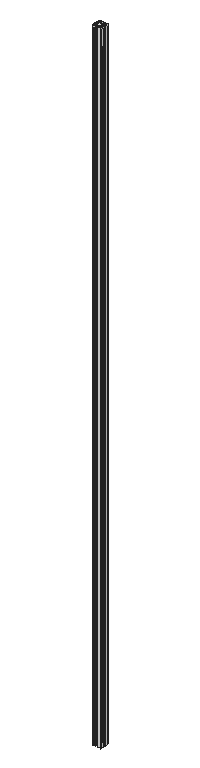
Revit family "Pole-PC2_Rakks", category Specialty Equipment, Revit 2026
Family settings
  Round Connector Dimension = Use Diameter
  Part Type = Normal
  Classification Number = 23.40.50.31.11.14
  Work Plane-Based = No
  Enable Cutting in Views = No
  Always vertical = Yes
  Cut with Voids When Loaded = No
  Maintain Annotation Orientation = No
  Shared = Yes
  Room Calculation Point = No
Parameters (values of type "E Mount")
  Warranty Duration (Years) = 0
  Wall Location [instance] = 1' - 3.74063"
  Unit Height [instance] = 9' - 0"
  URL = "http://www.rakks.com/"
  Test Data = "http://www.rakks.com/pdfs/Rangine_Corporation_Leed_Statement.pdf"
  Specification = "http://www.arcat.com/sdspecs/htm/10670rak.htm"
  Send Message = "http://www.arcat.com/users.pl?action=UserEmail&company=Rangine%20Corp.%20-%20Rakks&coid=35076&rep=116&fax=781-455-8702&mf="
  Sales Information = "http://store.rakks.com/"
  Revision = "R1_03-2010"
  Return to Wall = no
  Product Properties = "http://www.arcat.com/bim/bim_info.pl?fn=Shelving_Rakks"
  Product Data = "http://www.arcat.com/arcatcos/cos35/arc35076.html"
  Model = ""
  Material = Metal - Clear Anodized
  Manufacturer Website = "http://www.rakks.com/"
  Manufacturer Phone - Toll Free = "800-826-6006"
  Manufacturer Phone = "781-455-8700"
  Manufacturer Fax = "781-455-8702"
  Manufacturer Address = "330 Reservoir St., Needham, MA 02494"
  Manufacturer = "Rangine Corp. - Rakks"
  Maintenance Schedule (Months) = 0
  Keynote = "10 56 00"
  Installation-Fabrication = "http://www.rakks.com/literature/install.html"
  Installation Phase = ""
  Green Building-LEED = "http://www.arcat.com/green/clients/leed_data_35076.html"
  Expected Lifespan (Years) = 0
  Drawn By = "Robert S. Weygant, CSI, CDT, SCIP"
  Description = ""
  Default Elevation = 0' - 0"
  Copyright = "2010, ARCAT, Inc"
  Construction Details = "http://www.arcat.com/details/rangine/rangine.html?coid=35076"
  Capacity (Weight) = 0.00 lbf
  Building Codes = ""
  Assembly Code = "E1010500"
Types (8): name | Return to Wall
  (no name) | no
  A Mount | no
  B Mount | no
  C Mount | no
  D Mount | no
  E Mount | no
  F Mount | yes
  G Mount | yes
Reference planes (in)
  plane 1 "Center (Front/Back)": y = 0
  plane 2: z = 0
  plane 3 "Center (Left/Right)": x = 0
  plane 4: z = 108
  plane 5: x = -0.75
  plane 6: y = 0.75
  plane 7: y = -0.75
  plane 8: x = 0.75
  plane 9: y = -15.74063
Forms (in)
  Extrusion 1, solid, material "Metal - Clear Anodized" <- "Material"
    sketch origin (0, 0, 0) x (1, 0, 0) y (0, 1, 0)
      loop
        arc (-0.75, 0.19) -> (-0.71772, 0.13529) -> (-0.65423, 0.13709) r 0.0625
        line (-0.65423, 0.13709) -> (-0.63573, 0.10537) -> (-0.31673, 0.10537) -> (-0.31673, -0.08463) -> (-0.61073, -0.08463) -> (-0.6453, -0.1439)
        arc (-0.6453, -0.1439) -> (-0.71269, -0.1328) -> (-0.75, -0.19) r 0.0625
        line (-0.75, -0.19) -> (-0.75, -0.688)
        arc (-0.75, -0.688) -> (-0.73184, -0.73184) -> (-0.688, -0.75) r 0.062
        line (-0.688, -0.75) -> (-0.19, -0.75)
        arc (-0.19, -0.75) -> (-0.14, -0.7) -> (-0.19, -0.65) r 0.05
        line (-0.19, -0.65) -> (-0.455, -0.65)
        arc (-0.455, -0.65) -> (-0.57521, -0.60021) -> (-0.625, -0.48) r 0.17
        line (-0.625, -0.48) -> (-0.625, -0.355)
        arc (-0.625, -0.355) -> (-0.57521, -0.23479) -> (-0.455, -0.185) r 0.17
        line (-0.455, -0.185) -> (-0.31, -0.185) -> (-0.31, -0.31) -> (0.31, -0.31) -> (0.31, -0.185) -> (0.455, -0.185)
        arc (0.455, -0.185) -> (0.57521, -0.23479) -> (0.625, -0.355) r 0.17
        line (0.625, -0.355) -> (0.625, -0.48)
        arc (0.625, -0.48) -> (0.57521, -0.60021) -> (0.455, -0.65) r 0.17
        line (0.455, -0.65) -> (0.19, -0.65)
        arc (0.19, -0.65) -> (0.14, -0.7) -> (0.19, -0.75) r 0.05
        line (0.19, -0.75) -> (0.688, -0.75)
        arc (0.688, -0.75) -> (0.73184, -0.73184) -> (0.75, -0.688) r 0.062
        line (0.75, -0.688) -> (0.75, -0.19)
        arc (0.75, -0.19) -> (0.71269, -0.1328) -> (0.6453, -0.1439) r 0.0625
        line (0.6453, -0.1439) -> (0.61073, -0.08463) -> (0.31673, -0.08463) -> (0.31673, 0.10537) -> (0.63573, 0.10537) -> (0.65423, 0.13709)
        arc (0.65423, 0.13709) -> (0.71772, 0.13529) -> (0.75, 0.19) r 0.0625
        line (0.75, 0.19) -> (0.75, 0.688)
        arc (0.75, 0.688) -> (0.73184, 0.73184) -> (0.688, 0.75) r 0.062
        line (0.688, 0.75) -> (0.19, 0.75)
        arc (0.19, 0.75) -> (0.14, 0.7) -> (0.19, 0.65) r 0.05
        line (0.19, 0.65) -> (0.455, 0.65)
        arc (0.455, 0.65) -> (0.57521, 0.60021) -> (0.625, 0.48) r 0.17
        line (0.625, 0.48) -> (0.625, 0.355)
        arc (0.625, 0.355) -> (0.57521, 0.23479) -> (0.455, 0.185) r 0.17
        line (0.455, 0.185) -> (0.31, 0.185) -> (0.31, 0.31) -> (-0.31, 0.31) -> (-0.31, 0.185) -> (-0.455, 0.185)
        arc (-0.455, 0.185) -> (-0.57521, 0.23479) -> (-0.625, 0.355) r 0.17
        line (-0.625, 0.355) -> (-0.625, 0.48)
        arc (-0.625, 0.48) -> (-0.57521, 0.60021) -> (-0.455, 0.65) r 0.17
        line (-0.455, 0.65) -> (-0.19, 0.65)
        arc (-0.19, 0.65) -> (-0.14, 0.7) -> (-0.19, 0.75) r 0.05
        line (-0.19, 0.75) -> (-0.688, 0.75)
        arc (-0.688, 0.75) -> (-0.73184, 0.73184) -> (-0.75, 0.688) r 0.062
        line (-0.75, 0.688) -> (-0.75, 0.19)
    from 0 to 108
  Extrusion 2, solid, material "Metal - Clear Anodized" <- "Material", visible <- "Return to Wall"
    sketch origin (0, 0, 0) x (1, 0, 0) y (0, 0, 1)
      loop
        arc (-0.75, 107.44) -> (-0.71772, 107.38529) -> (-0.65423, 107.38709) r 0.0625
        line (-0.65423, 107.38709) -> (-0.63573, 107.35537) -> (-0.31673, 107.35537) -> (-0.31673, 107.16537) -> (-0.61073, 107.16537) -> (-0.6453, 107.1061)
        arc (-0.6453, 107.1061) -> (-0.71269, 107.1172) -> (-0.75, 107.06) r 0.0625
        line (-0.75, 107.06) -> (-0.75, 106.562)
        arc (-0.75, 106.562) -> (-0.73184, 106.51816) -> (-0.688, 106.5) r 0.062
        line (-0.688, 106.5) -> (-0.19, 106.5)
        arc (-0.19, 106.5) -> (-0.14, 106.55) -> (-0.19, 106.6) r 0.05
        line (-0.19, 106.6) -> (-0.455, 106.6)
        arc (-0.455, 106.6) -> (-0.57521, 106.64979) -> (-0.625, 106.77) r 0.17
        line (-0.625, 106.77) -> (-0.625, 106.895)
        arc (-0.625, 106.895) -> (-0.57521, 107.01521) -> (-0.455, 107.065) r 0.17
        line (-0.455, 107.065) -> (-0.31, 107.065) -> (-0.31, 106.94) -> (0.31, 106.94) -> (0.31, 107.065) -> (0.455, 107.065)
        arc (0.455, 107.065) -> (0.57521, 107.01521) -> (0.625, 106.895) r 0.17
        line (0.625, 106.895) -> (0.625, 106.77)
        arc (0.625, 106.77) -> (0.57521, 106.64979) -> (0.455, 106.6) r 0.17
        line (0.455, 106.6) -> (0.19, 106.6)
        arc (0.19, 106.6) -> (0.14, 106.55) -> (0.19, 106.5) r 0.05
        line (0.19, 106.5) -> (0.688, 106.5)
        arc (0.688, 106.5) -> (0.73184, 106.51816) -> (0.75, 106.562) r 0.062
        line (0.75, 106.562) -> (0.75, 107.06)
        arc (0.75, 107.06) -> (0.71269, 107.1172) -> (0.6453, 107.1061) r 0.0625
        line (0.6453, 107.1061) -> (0.61073, 107.16537) -> (0.31673, 107.16537) -> (0.31673, 107.35537) -> (0.63573, 107.35537) -> (0.65423, 107.38709)
        arc (0.65423, 107.38709) -> (0.71772, 107.38529) -> (0.75, 107.44) r 0.0625
        line (0.75, 107.44) -> (0.75, 107.938)
        arc (0.75, 107.938) -> (0.73184, 107.98184) -> (0.688, 108) r 0.062
        line (0.688, 108) -> (0.19, 108)
        arc (0.19, 108) -> (0.14, 107.95) -> (0.19, 107.9) r 0.05
        line (0.19, 107.9) -> (0.455, 107.9)
        arc (0.455, 107.9) -> (0.57521, 107.85021) -> (0.625, 107.73) r 0.17
        line (0.625, 107.73) -> (0.625, 107.605)
        arc (0.625, 107.605) -> (0.57521, 107.48479) -> (0.455, 107.435) r 0.17
        line (0.455, 107.435) -> (0.31, 107.435) -> (0.31, 107.56) -> (-0.31, 107.56) -> (-0.31, 107.435) -> (-0.455, 107.435)
        arc (-0.455, 107.435) -> (-0.57521, 107.48479) -> (-0.625, 107.605) r 0.17
        line (-0.625, 107.605) -> (-0.625, 107.73)
        arc (-0.625, 107.73) -> (-0.57521, 107.85021) -> (-0.455, 107.9) r 0.17
        line (-0.455, 107.9) -> (-0.19, 107.9)
        arc (-0.19, 107.9) -> (-0.14, 107.95) -> (-0.19, 108) r 0.05
        line (-0.19, 108) -> (-0.688, 108)
        arc (-0.688, 108) -> (-0.73184, 107.98184) -> (-0.75, 107.938) r 0.062
        line (-0.75, 107.938) -> (-0.75, 107.44)
    from -0.75 to 15.74063
Dimensions and locks (in)
  "Unit Height": plane 4 to plane 2
  "Wall Location": plane 1 "Center (Front/Back)" to plane 9
  aligned and locked: plane 4 to Extrusion 1
  aligned and locked: Extrusion 2 to Extrusion 1
  aligned and locked: plane 9 to Extrusion 2
Automatic sketch dimensions
  Extrusion 1 sketch curve to plane 1 "Center (Front/Back)" = 0' - 0.19"
  Extrusion 1 sketch curve to plane 3 "Center (Left/Right)" = 0' - 0 3/4"  (x2)
  Extrusion 1 sketch curve to Extrusion 1 sketch curve = 0' - 0.062"  (x4)
  Extrusion 1 sketch curve to Extrusion 1 sketch curve = 0' - 0 1/16"  (x3)
  Extrusion 1 sketch curve to plane 1 "Center (Front/Back)" = 0' - 0.13709"  (x2)
  Extrusion 1 sketch curve to Extrusion 1 sketch curve = 0' - 0.0422"  (x2)
  Extrusion 1 sketch curve to Extrusion 1 sketch curve = 0' - 0.01851"  (x2)
  Extrusion 1 sketch curve to Extrusion 1 sketch curve = 0' - 0.063"
  plane 1 "Center (Front/Back)" to Extrusion 1 sketch curve = 0' - 0.08463"  (x2)
  Extrusion 1 sketch curve to Extrusion 1 sketch curve = 0' - 0.03457"  (x2)
  Extrusion 1 sketch curve to Extrusion 1 sketch curve = 0' - 0.18073"
  Extrusion 1 sketch curve to Extrusion 1 sketch curve = 0' - 0.233"  (x4)
  Extrusion 1 sketch curve to Extrusion 1 sketch curve = 0' - 0.15573"  (x2)
  Extrusion 1 sketch curve to Extrusion 1 sketch curve = 0' - 0.13827"
  Extrusion 1 sketch curve to Extrusion 1 sketch curve = 0' - 0.00673"  (x2)
  Extrusion 1 sketch curve to Extrusion 1 sketch curve = 0' - 0.145"  (x3)
  Extrusion 1 sketch curve to plane 3 "Center (Left/Right)" = 0' - 0.19"  (x2)
  plane 3 "Center (Left/Right)" to Extrusion 1 sketch curve = 0' - 0.19"  (x2)
  plane 3 "Center (Left/Right)" to Extrusion 1 sketch curve = 0' - 0.31"  (x2)
  plane 1 "Center (Front/Back)" to Extrusion 1 sketch curve = 0' - 0.185"
  Extrusion 1 sketch curve to Extrusion 1 sketch curve = 0' - 0.265"  (x2)
  Extrusion 1 sketch curve to Extrusion 1 sketch curve = 0' - 0.17"  (x2)
  Extrusion 1 sketch curve to plane 1 "Center (Front/Back)" = 0' - 0.10537"  (x2)
  Extrusion 1 sketch curve to Extrusion 1 sketch curve = 0' - 0.025"
  Extrusion 1 sketch curve to Extrusion 1 sketch curve = 0' - 0.03327"
  Extrusion 1 sketch curve to Extrusion 1 sketch curve = 0' - 0.39537"
  Extrusion 1 sketch curve to Extrusion 1 sketch curve = 0' - 0 1/8"  (x6)
  Extrusion 1 sketch curve to Extrusion 1 sketch curve = 0' - 0.208"  (x4)
  Extrusion 1 sketch curve to Extrusion 1 sketch curve = 0' - 0.10537"  (x2)
  Extrusion 1 sketch curve to Extrusion 1 sketch curve = 0' - 0.07963"  (x2)
  Extrusion 2 sketch curve to plane 4 = 0' - 0.56"
  plane 5 to Extrusion 2 sketch curve = 0' - 0"
  Extrusion 2 sketch curve to Extrusion 2 sketch curve = 0' - 0"  (x3)
  Extrusion 2 sketch curve to Extrusion 2 sketch curve = 0' - 0.062"  (x4)
  Extrusion 2 sketch curve to Extrusion 2 sketch curve = 0' - 0 1/16"  (x3)
  Extrusion 2 sketch curve to plane 4 = 0' - 0.61291"
  Extrusion 2 sketch curve to Extrusion 2 sketch curve = 0' - 0.0422"  (x2)
  Extrusion 2 sketch curve to Extrusion 2 sketch curve = 0' - 0.01851"  (x2)
  Extrusion 2 sketch curve to Extrusion 2 sketch curve = 0' - 0.063"
  Extrusion 2 sketch curve to Extrusion 2 sketch curve = 0' - 0.03457"  (x2)
  Extrusion 2 sketch curve to Extrusion 2 sketch curve = 0' - 0.18073"
  Extrusion 2 sketch curve to Extrusion 2 sketch curve = 0' - 0.233"  (x4)
  Extrusion 2 sketch curve to Extrusion 2 sketch curve = 0' - 0.15573"  (x2)
  Extrusion 2 sketch curve to Extrusion 2 sketch curve = 0' - 0.13827"
  Extrusion 2 sketch curve to Extrusion 2 sketch curve = 0' - 0.00673"  (x2)
  Extrusion 2 sketch curve to Extrusion 2 sketch curve = 0' - 0.145"  (x3)
  Extrusion 2 sketch curve to Extrusion 2 sketch curve = 0' - 0.265"  (x4)
  Extrusion 2 sketch curve to Extrusion 2 sketch curve = 0' - 0.38"  (x2)
  Extrusion 2 sketch curve to Extrusion 2 sketch curve = 0' - 0.12"
  Extrusion 2 sketch curve to Extrusion 2 sketch curve = 0' - 0.17"  (x2)
  Extrusion 2 sketch curve to Extrusion 2 sketch curve = 0' - 0.025"
  Extrusion 2 sketch curve to Extrusion 2 sketch curve = 0' - 0.03327"
  Extrusion 2 sketch curve to Extrusion 2 sketch curve = 0' - 0.03172"  (x2)
  Extrusion 2 sketch curve to Extrusion 2 sketch curve = 0' - 0.19"  (x2)
  Extrusion 2 sketch curve to Extrusion 2 sketch curve = 0' - 0.05926"  (x2)
  Extrusion 2 sketch curve to Extrusion 2 sketch curve = 0' - 0.10037"  (x2)
  Extrusion 2 sketch curve to Extrusion 2 sketch curve = 0' - 0 1/8"  (x6)
  Extrusion 2 sketch curve to Extrusion 2 sketch curve = 0' - 0.208"  (x4)
  Extrusion 2 sketch curve to Extrusion 2 sketch curve = 0' - 0.07963"  (x2)
